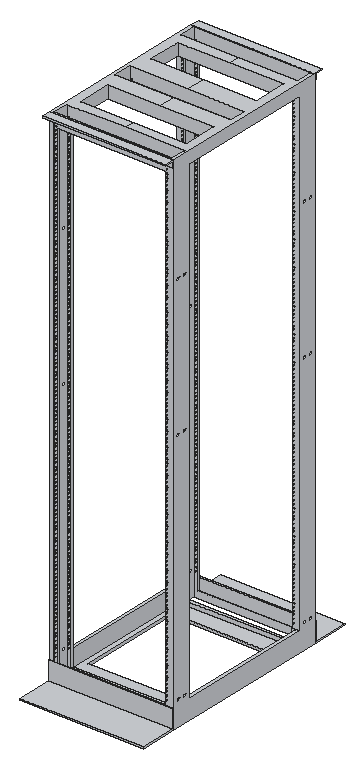
Revit family (continued)
Forms (in)
  Extrusion 53, void
    sketch origin (0, 0, -84) x (1, 0, 0) y (0, 0, 1)
      loop
        line (9.175, 52.604) -> (9.086, 52.604) -> (9.086, 52.426) -> (9.175, 52.426) -> (9.264, 52.426) -> (9.264, 52.515) -> (9.264, 52.604) -> (9.175, 52.604)
      loop
        line (9.175, 51.979) -> (9.086, 51.979) -> (9.086, 51.801) -> (9.175, 51.801) -> (9.264, 51.801) -> (9.264, 51.89) -> (9.264, 51.979) -> (9.175, 51.979)
      loop
        line (9.175, 51.354) -> (9.086, 51.354) -> (9.086, 51.176) -> (9.175, 51.176) -> (9.264, 51.176) -> (9.264, 51.265) -> (9.264, 51.354) -> (9.175, 51.354)
    from 0 to 36
  Extrusion 54, void
    sketch origin (0, 0, -85.75) x (1, 0, 0) y (0, 0, 1)
      loop
        line (-9.175, 52.604) -> (-9.264, 52.604) -> (-9.264, 52.515) -> (-9.264, 52.426) -> (-9.175, 52.426) -> (-9.086, 52.426) -> (-9.086, 52.604) -> (-9.175, 52.604)
      loop
        line (-9.175, 51.979) -> (-9.264, 51.979) -> (-9.264, 51.89) -> (-9.264, 51.801) -> (-9.175, 51.801) -> (-9.086, 51.801) -> (-9.086, 51.979) -> (-9.175, 51.979)
      loop
        line (-9.175, 51.354) -> (-9.264, 51.354) -> (-9.264, 51.265) -> (-9.264, 51.176) -> (-9.175, 51.176) -> (-9.086, 51.176) -> (-9.086, 51.354) -> (-9.175, 51.354)
      loop
        line (9.175, 52.604) -> (9.086, 52.604) -> (9.086, 52.426) -> (9.175, 52.426) -> (9.264, 52.426) -> (9.264, 52.515) -> (9.264, 52.604) -> (9.175, 52.604)
      loop
        line (9.175, 51.979) -> (9.086, 51.979) -> (9.086, 51.801) -> (9.175, 51.801) -> (9.264, 51.801) -> (9.264, 51.89) -> (9.264, 51.979) -> (9.175, 51.979)
      loop
        line (9.175, 51.354) -> (9.086, 51.354) -> (9.086, 51.176) -> (9.175, 51.176) -> (9.264, 51.176) -> (9.264, 51.265) -> (9.264, 51.354) -> (9.175, 51.354)
    from 0 to 36
  Extrusion 55, void
    sketch origin (0, 0, -87.5) x (1, 0, 0) y (0, 0, 1)
      loop
        line (-9.175, 52.604) -> (-9.264, 52.604) -> (-9.264, 52.515) -> (-9.264, 52.426) -> (-9.175, 52.426) -> (-9.086, 52.426) -> (-9.086, 52.604) -> (-9.175, 52.604)
      loop
        line (-9.175, 51.979) -> (-9.264, 51.979) -> (-9.264, 51.89) -> (-9.264, 51.801) -> (-9.175, 51.801) -> (-9.086, 51.801) -> (-9.086, 51.979) -> (-9.175, 51.979)
      loop
        line (-9.175, 51.354) -> (-9.264, 51.354) -> (-9.264, 51.265) -> (-9.264, 51.176) -> (-9.175, 51.176) -> (-9.086, 51.176) -> (-9.086, 51.354) -> (-9.175, 51.354)
      loop
        line (9.175, 52.604) -> (9.086, 52.604) -> (9.086, 52.426) -> (9.175, 52.426) -> (9.264, 52.426) -> (9.264, 52.515) -> (9.264, 52.604) -> (9.175, 52.604)
      loop
        line (9.175, 51.979) -> (9.086, 51.979) -> (9.086, 51.801) -> (9.175, 51.801) -> (9.264, 51.801) -> (9.264, 51.89) -> (9.264, 51.979) -> (9.175, 51.979)
      loop
        line (9.175, 51.354) -> (9.086, 51.354) -> (9.086, 51.176) -> (9.175, 51.176) -> (9.264, 51.176) -> (9.264, 51.265) -> (9.264, 51.354) -> (9.175, 51.354)
    from 0 to 36
  Extrusion 56, void
    sketch origin (0, 0, -89.25) x (1, 0, 0) y (0, 0, 1)
      loop
        line (-9.175, 52.604) -> (-9.264, 52.604) -> (-9.264, 52.515) -> (-9.264, 52.426) -> (-9.175, 52.426) -> (-9.086, 52.426) -> (-9.086, 52.604) -> (-9.175, 52.604)
      loop
        line (-9.175, 51.979) -> (-9.264, 51.979) -> (-9.264, 51.89) -> (-9.264, 51.801) -> (-9.175, 51.801) -> (-9.086, 51.801) -> (-9.086, 51.979) -> (-9.175, 51.979)
      loop
        line (-9.175, 51.354) -> (-9.264, 51.354) -> (-9.264, 51.265) -> (-9.264, 51.176) -> (-9.175, 51.176) -> (-9.086, 51.176) -> (-9.086, 51.354) -> (-9.175, 51.354)
      loop
        line (9.175, 52.604) -> (9.086, 52.604) -> (9.086, 52.426) -> (9.175, 52.426) -> (9.264, 52.426) -> (9.264, 52.515) -> (9.264, 52.604) -> (9.175, 52.604)
      loop
        line (9.175, 51.979) -> (9.086, 51.979) -> (9.086, 51.801) -> (9.175, 51.801) -> (9.264, 51.801) -> (9.264, 51.89) -> (9.264, 51.979) -> (9.175, 51.979)
      loop
        line (9.175, 51.354) -> (9.086, 51.354) -> (9.086, 51.176) -> (9.175, 51.176) -> (9.264, 51.176) -> (9.264, 51.265) -> (9.264, 51.354) -> (9.175, 51.354)
    from 0 to 36
Cuts and joins
  Extrusion 3, Extrusion 4, Extrusion 5, Extrusion 6, Extrusion 8, Extrusion 9, Extrusion 10, Extrusion 11, Extrusion 12, Extrusion 13, Extrusion 14, Extrusion 15, Extrusion 16, Extrusion 17, Extrusion 18, Extrusion 19, Extrusion 20, Extrusion 21, Extrusion 22, Extrusion 23, Extrusion 24, Extrusion 25, Extrusion 26, Extrusion 27, Extrusion 28, Extrusion 29, Extrusion 30, Extrusion 31, Extrusion 32, Extrusion 33, Extrusion 34, Extrusion 35, Extrusion 36, Extrusion 37, Extrusion 38, Extrusion 39, Extrusion 40, Extrusion 41, Extrusion 42, Extrusion 43, Extrusion 44, Extrusion 45, Extrusion 46, Extrusion 47, Extrusion 48, Extrusion 49, Extrusion 50, Extrusion 51, Extrusion 52, Extrusion 53, Extrusion 54, Extrusion 55, Extrusion 56 cuts Extrusion 2
  Extrusion 8, Extrusion 9, Extrusion 10, Extrusion 11, Extrusion 12, Extrusion 13, Extrusion 14, Extrusion 15, Extrusion 16, Extrusion 17, Extrusion 18, Extrusion 19, Extrusion 20, Extrusion 21, Extrusion 22, Extrusion 23, Extrusion 24, Extrusion 25, Extrusion 26, Extrusion 27, Extrusion 28, Extrusion 29, Extrusion 30, Extrusion 31, Extrusion 32, Extrusion 33, Extrusion 34, Extrusion 35, Extrusion 36, Extrusion 37, Extrusion 38, Extrusion 39, Extrusion 40, Extrusion 41, Extrusion 42, Extrusion 43, Extrusion 44, Extrusion 45, Extrusion 46, Extrusion 47, Extrusion 48, Extrusion 49, Extrusion 50, Extrusion 51, Extrusion 52, Extrusion 53, Extrusion 54, Extrusion 55, Extrusion 56 cuts Extrusion 7
Dimensions and locks (in)
  equal spacing: group 2, group 3, group 4, group 5, group 6, group 7, group 8, group 9, group 10, group 11, group 12, group 13, group 14, group 15, group 16, group 17, group 18, group 19, group 20, group 21, group 22, group 23, group 24, group 25, group 26, group 27, group 28, group 29, group 30, group 31, group 32, group 33, group 34, group 35, group 36, group 37, group 38, group 39, group 40, group 41, group 42, group 43, group 44, group 45, group 46  (x2)
  equal spacing: group 46, group 45, group 44, group 43, group 42, group 41, group 40, group 39, group 38, group 37, group 36, group 35, group 34, group 33, group 32, group 31, group 30, group 29, group 28, group 27, group 26, group 25, group 24, group 23, group 22, group 21, group 20, group 19, group 18, group 17, group 16, group 15, group 14, group 13, group 12, group 11, group 10, group 9, group 8, group 7, group 6, group 5, group 4, group 3, group 2
